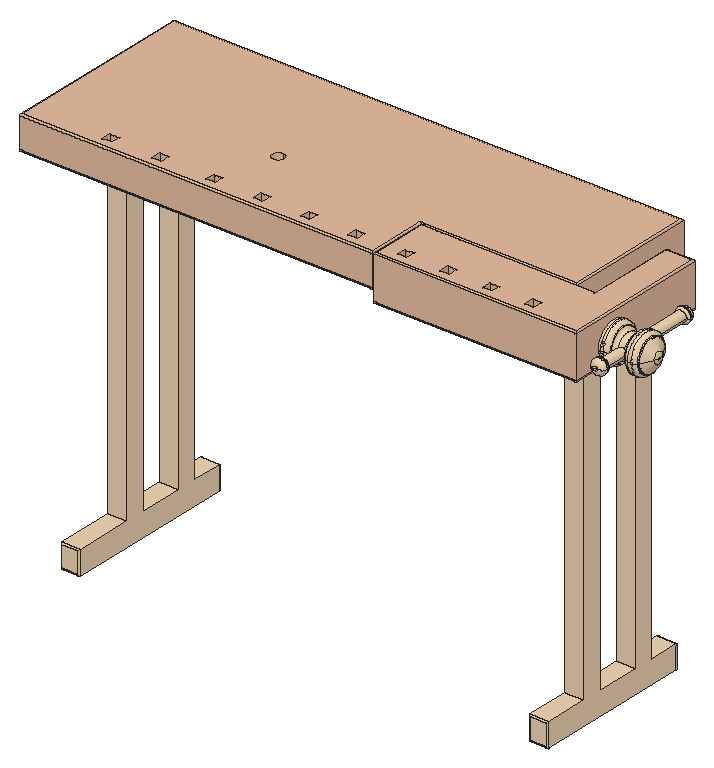
Revit family "Furniture_Other_Sjobergs_Workbench_850", category Furniture, Revit 2017
Family settings
  OmniClass Number = 23.40.70.14
  OmniClass Title = Retail and Commercial Equipment and Furnishings
  Work Plane-Based = No
  Always vertical = Yes
  Cut with Voids When Loaded = No
  Shared = No
  Room Calculation Point = No
Parameters (values of type "33075 Sjoberg Complete Working Height 850 mm")
  Weight = "21 kg + 13 kg"
  WarrantyStartDate [instance] = "n/a"
  WarrantyGuarantorParts = "n/a"
  WarrantyGuarantorLabor = "n/a"
  WarrantyDurationUnit = "Year"
  WarrantyDurationParts = "n/a"
  WarrantyDurationLabor = "n/a"
  WarrantyDescription = "n/a"
  VersionDate = "26/06/2020"  # constant formula
  Version = "1"  # constant formula
  Uniclass2015Reference = "Pr_40_50_21_76"
  Uniclass2015Description = "Desks, Tables And Worktops"
  Uniclass2 = "Pr_40_50_21"
  URL = "https://www.sjobergs.se/sortiment/skola_traslojd/index.php?id=1143&cat=36&lang=se&artnr=33075"
  Type Comments = ""
  TagNumber [instance] = "n/a"
  TableSecondaryMaterial = Ash
  TableMainMaterial = Beech
  SustainabilityPerformance = "n/a"
  Style = "n/a"
  Size = "1270x405x850 mm"
  Shape = "Sculptured"
  SerialNumber [instance] = "n/a"
  Revision = "n/a"
  ReplacementCost = "n/a"
  ProductInformation = "The top is constructed in solid, lacquered beech. The area of the top surface is 1070x405 mm and the thickness is 60 mm. Bench dogs are included. The vice sliding mechanism is smooth and if necessary can be easily adjusted. An optimal Sjobergs Front Vice 33160 can be fitted to each workbench which would increase the working possibilities."
  ProductDatasheet = "https://www.sjobergs.se/dbhires/Produktblad_1_station_2015.pdf"
  NominalLength = 1270.01 mm
  NominalHeight = 850 mm
  NominalDepth = 405 mm
  Name = "Sjobergs_Workbench_850"
  NBSReference = "45-35-20/320"
  NBSDescription = "School art, design and technology tables and workbenches;"
  ModelReference = "33075"
  ModelNumber = "n/a"
  Material = "Wood"
  ManufacturerURL = "https://www.sjobergs.se/en/"
  ManufacturerName = "Sjöbergs"
  Model = "33075 Sjoberg Complete Working Height 850 mm"
  Manufacturer = ManufacturerName  # "Sjöbergs"
  MainColor = "Wooden"
  InstallationDate [instance] = "n/a"
  IfcExportType = "TABLE"  # constant formula
  IfcExportAs = "IfcFurnishingElementType"  # constant formula
  Grade = "n/a"
  Finish = "Bench top and trestle in lacquered beech."
  Features = "Traditional designed and sturdily built."
  ExpectedLife = "n/a"
  EANNumber = ""
  DurationUnit = "Year"
  Description = "The top is constructed in solid, lacquered beech. The area of the top surface is 1070x405 mm and the thickness is 60 mm. Bench dogs are included. The vice sliding mechanism is smooth and if necessary can be easily adjusted. An optimal Sjobergs Front Vice 33160 can be fitted to each workbench which would increase the working possibilities."
  Cost = 0
  ConvergoRefNr = "0184-2005-0005-SE"
  Constituents = "33110 Bench top + 33160 Front vise + 33230 Wooden trestle + 33383 Jaw cushions front vise + 33384 Jaw cushions shoulder vise + 33636 Holdfast with insert"
  Color = MainColor  # "Wooden"
  Collection = "Planer Benches"
  CodePerformance = "n/a"
  Barcode [instance] = "n/a"
  AssetIdentifier [instance] = "n/a"
  Category = "School, Woodwork"
  Brand = ManufacturerName  # "Sjöbergs"
  BIMObjectName = "Furniture_Other_Sjobergs_Workbench_850"
  Author = "Convergo AB"  # constant formula
  AssetType = "Movable"
  AccessibilityPerformance = "n/a"
Reference planes
  plane 1 "Center (Front/Back)": y = 0
  plane 2: z = 0
  plane 3 "Center (Left/Right)": x = 0
  plane 4: x = -635.005
  plane 5: x = 635.005
  plane 6: y = 202.5
  plane 7: y = -202.5
  plane 8: z = 850
Dimensions and locks
  equal spacing: plane 4, plane 3 "Center (Left/Right)", plane 5
  "NominalLength": plane 4 to plane 5
  equal spacing: plane 6, plane 1 "Center (Front/Back)", plane 7
  "NominalDepth": plane 7 to plane 6
  "NominalHeight": plane 8 to plane 2
  aligned and locked: level to plane 2
  aligned and locked: plane 3 "Center (Left/Right)" to nested 1
  aligned and locked: plane 1 "Center (Front/Back)" to nested 1
Nested families
  nested 1: "33075" at (0, 0, 0), BenchTopMaterial <- "TableMainMaterial", SecondaryWoodMaterial <- "TableSecondaryMaterial", WoodFrame <- "TableSecondaryMaterial", type "33075"
    with WoodFrame Ash, SecondaryWoodMaterial Ash, BenchTopMaterial Beech
Definition of nested family "33075"
  Parameters (values of type "33075")
    WoodFrame [instance] = none
    SecondaryWoodMaterial [instance] = none
    BenchTopMaterial [instance] = none
  Reference planes
    plane 1 "Center (Front/Back)": y = 0
    plane 2: z = 0
    plane 3 "Center (Left/Right)": x = 0
    plane 4: x = -635.005
    plane 5: y = 202.5
    plane 6: y = -202.5
    plane 7: x = 635.005
    plane 8: z = 850
  Forms (mm)
    Extrusion 1, solid, material <- "WoodFrame", detail levels medium+fine
      sketch origin (0, -20, 0) x (1, 0, 0) y (0, 1, 0)
        loop
          line (424.995, 199.5) -> (384.995, 199.5) -> (384.995, -50.5) -> (424.995, -50.5) -> (424.995, 199.5)
        loop
          line (-575.005, 199.5) -> (-575.005, -50.5) -> (-535.005, -50.5) -> (-535.005, 199.5) -> (-575.005, 199.5)
      from 705 to 780
    Extrusion 2, solid, material <- "WoodFrame", detail levels medium+fine
      sketch origin (0, 0, 0) x (1, 0, 0) y (0, 1, 0)
        loop
          line (530.005, 52.5) -> (113.578, 52.5) -> (113.578, 2.5) -> (530.005, 2.5) -> (530.005, 52.5)
      from 745 to 755
    Extrusion 3, solid, material <- "WoodFrame", detail levels medium+fine
      sketch origin (0, -20, 0) x (1, 0, 0) y (0, 1, 0)
        loop
          line (-535.005, 149.5) -> (-575.005, 149.5) -> (-575.005, 109.5) -> (-535.005, 109.5) -> (-535.005, 149.5)
        loop
          line (-535.005, 14.5) -> (-575.005, 14.5) -> (-575.005, -25.5) -> (-535.005, -25.5) -> (-535.005, 14.5)
        loop
          line (424.995, 149.5) -> (384.995, 149.5) -> (384.995, 109.5) -> (424.995, 109.5) -> (424.995, 149.5)
        loop
          line (424.995, 14.5) -> (384.995, 14.5) -> (384.995, -25.5) -> (424.995, -25.5) -> (424.995, 14.5)
      from 50 to 705
    Extrusion 4, solid, material <- "WoodFrame", detail levels medium+fine
      sketch origin (0, 0, 0) x (1, 0, 0) y (0, 1, 0)
        loop
          line (424.995, 199.5) -> (384.995, 199.5) -> (384.995, -140.5) -> (424.995, -140.5) -> (424.995, 199.5)
        loop
          line (-575.005, 199.5) -> (-575.005, -170.5) -> (-535.005, -170.5) -> (-535.005, 199.5) -> (-575.005, 199.5)
      from 0 to 50
    Sweep 5, void
      path in 3D
        loop
          line (-575.005, -170.5, 0) -> (-535.005, -170.5, 0) -> (-535.005, -170.5, 50) -> (-575.005, -170.5, 50) -> (-575.005, -170.5, 0)
      profile origin (-575.005, -170.5, 25) x (-1, 0, 0) y (0, -1, 0)
        loop
          line (0, 0) -> (-3, 0)
          arc (-3, 0) -> (-0.879, -0.879) -> (0, -3) r 3
          line (0, -3) -> (0, 0)
    Sweep 6, void
      path in 3D
        loop
          line (-575.005, 199.5, 0) -> (-535.005, 199.5, 0) -> (-535.005, 199.5, 50) -> (-575.005, 199.5, 50) -> (-575.005, 199.5, 0)
      profile origin (-575.005, 199.5, 25) x (-1, 0, 0) y (0, -1, 0)
        loop
          line (0, 0) -> (0, 3)
          arc (0, 3) -> (-0.879, 0.879) -> (-3, 0) r 3
          line (-3, 0) -> (0, 0)
    Sweep 7, void
      path in 3D
        loop
          line (384.995, 199.5, 0) -> (424.995, 199.5, 0) -> (424.995, 199.5, 50) -> (384.995, 199.5, 50) -> (384.995, 199.5, 0)
      profile origin (384.995, 199.5, 25) x (-1, 0, 0) y (0, -1, 0)
        loop
          line (0, 0) -> (0, 3)
          arc (0, 3) -> (-0.879, 0.879) -> (-3, 0) r 3
          line (-3, 0) -> (0, 0)
    Sweep 8, void
      path in 3D
        loop
          line (384.995, -140.5, 0) -> (424.995, -140.5, 0) -> (424.995, -140.5, 50) -> (384.995, -140.5, 50) -> (384.995, -140.5, 0)
      profile origin (384.995, -140.5, 25) x (-1, 0, 0) y (0, -1, 0)
        loop
          line (0, 0) -> (-3, 0)
          arc (-3, 0) -> (-0.879, -0.879) -> (0, -3) r 3
          line (0, -3) -> (0, 0)
    Sweep 9, void
      path in 3D
        loop
          line (384.995, -70.5, 780) -> (384.995, -70.5, 705) -> (424.995, -70.5, 705) -> (424.995, -70.5, 780)
      profile origin (384.995, -70.5, 742.5) x (-1, 0, 0) y (0, -1, 0)
        loop
          line (0, 0) -> (-3, 0)
          arc (-3, 0) -> (-0.879, -0.879) -> (0, -3) r 3
          line (0, -3) -> (0, 0)
    Sweep 10, void
      path in 3D
        loop
          line (-575.005, -70.5, 705) -> (-535.005, -70.5, 705) -> (-535.005, -70.5, 780) -> (-575.005, -70.5, 780) -> (-575.005, -70.5, 705)
      profile origin (-575.005, -70.5, 742.5) x (-1, 0, 0) y (0, -1, 0)
        loop
          line (0, 0) -> (-3, 0)
          arc (-3, 0) -> (-0.879, -0.879) -> (0, -3) r 3
          line (0, -3) -> (0, 0)
    Sweep 11, void
      path in 3D
        loop
          line (-575.005, 179.5, 705) -> (-535.005, 179.5, 705) -> (-535.005, 179.5, 780) -> (-575.005, 179.5, 780) -> (-575.005, 179.5, 705)
      profile origin (-575.005, 179.5, 742.5) x (-1, 0, 0) y (0, -1, 0)
        loop
          line (0, 0) -> (0, 3)
          arc (0, 3) -> (-0.879, 0.879) -> (-3, 0) r 3
          line (-3, 0) -> (0, 0)
    Sweep 12, void
      path in 3D
        loop
          line (384.995, 179.5, 780) -> (384.995, 179.5, 705) -> (424.995, 179.5, 705) -> (424.995, 179.5, 780)
      profile origin (384.995, 179.5, 742.5) x (-1, 0, 0) y (0, -1, 0)
        loop
          line (0, 0) -> (0, 3)
          arc (0, 3) -> (-0.879, 0.879) -> (-3, 0) r 3
          line (-3, 0) -> (0, 0)
    Extrusion 13, solid, material <- "BenchTopMaterial", detail levels coarse
      sketch origin (0, 0, 0) x (1, 0, 0) y (0, 1, 0)
        loop
          line (-635.005, -202.5) -> (635.005, -202.5) -> (635.005, 202.5) -> (-635.005, 202.5) -> (-635.005, -202.5)
      from 0 to 850
  Cuts and joins
    Sweep 9, Sweep 10, Sweep 11, Sweep 12 cuts Extrusion 1
    Sweep 5, Sweep 6, Sweep 7, Sweep 8, Sweep 9, Sweep 11 cuts Extrusion 4
    joined: Extrusion 1, Extrusion 3, Extrusion 4
  Lines and regions (mm)
    sketch lines
      curve 1: line (-575.005, -170.5, 50) -> (-575.005, -170.5, 0)
      curve 2: line (-575.005, -170.5, 50) -> (-535.005, -170.5, 50)
      curve 3: line (-535.005, -170.5, 0) -> (-575.005, -170.5, 0)
      curve 4: line (-535.005, -170.5, 50) -> (-535.005, -170.5, 0)
      curve 5: line (-575.005, 199.5, 50) -> (-575.005, 199.5, 0)
      curve 6: line (-535.005, 199.5, 50) -> (-575.005, 199.5, 50)
      curve 7: line (-535.005, 199.5, 50) -> (-535.005, 199.5, 0)
      curve 8: line (-575.005, 199.5, 0) -> (-535.005, 199.5, 0)
      curve 9: line (384.995, 199.5, 50) -> (384.995, 199.5, 0)
      curve 10: line (424.995, 199.5, 50) -> (384.995, 199.5, 50)
      curve 11: line (424.995, 199.5, 50) -> (424.995, 199.5, 0)
      curve 12: line (384.995, 199.5, 0) -> (424.995, 199.5, 0)
      curve 13: line (384.995, -140.5, 50) -> (384.995, -140.5, 0)
      curve 14: line (384.995, -140.5, 50) -> (424.995, -140.5, 50)
      curve 15: line (424.995, -140.5, 50) -> (424.995, -140.5, 0)
      curve 16: line (424.995, -140.5, 0) -> (384.995, -140.5, 0)
      curve 17: line (384.995, -70.5, 780) -> (384.995, -70.5, 705)
      curve 18: line (424.995, -70.5, 780) -> (424.995, -70.5, 705)
      curve 19: line (424.995, -70.5, 705) -> (384.995, -70.5, 705)
      curve 20: line (-575.005, -70.5, 780) -> (-575.005, -70.5, 705)
      curve 21: line (-535.005, -70.5, 705) -> (-575.005, -70.5, 705)
      curve 22: line (-535.005, -70.5, 780) -> (-535.005, -70.5, 705)
      curve 23: line (-575.005, -70.5, 780) -> (-535.005, -70.5, 780)
      curve 24: line (-575.005, 179.5, 780) -> (-575.005, 179.5, 705)
      curve 25: line (-535.005, 179.5, 780) -> (-575.005, 179.5, 780)
      curve 26: line (-535.005, 179.5, 780) -> (-535.005, 179.5, 705)
      curve 27: line (-575.005, 179.5, 705) -> (-535.005, 179.5, 705)
      curve 28: line (384.995, 179.5, 780) -> (384.995, 179.5, 705)
      curve 29: line (384.995, 179.5, 705) -> (424.995, 179.5, 705)
      curve 30: line (424.995, 179.5, 780) -> (424.995, 179.5, 705)
    symbolic lines, detail levels medium+fine
      curve 31: line (434.995, 202.5, 800) -> (-635.005, 202.5, 800)
      curve 32: line (434.995, -77.5, 800) -> (434.995, 202.5, 800)
      curve 33: line (474.995, -77.5, 800) -> (434.995, -77.5, 800)
      curve 34: line (474.995, 107.5, 800) -> (474.995, -77.5, 800)
      curve 35: line (535.005, 107.5, 800) -> (474.995, 107.5, 800)
      curve 36: line (535.005, -202.5, 800) -> (535.005, -141.65, 800)
      curve 37: line (550.065, -70.213, 800) -> (544.995, -70.213, 800)
      curve 38: arc (544.995, -70.213, 800) -> (538.08, -72.99, 800) -> (535.005, -79.777, 800) r 10
      curve 39: arc (635.005, -109.246, 800) -> (634.323, -104.07, 800) -> (632.325, -99.246, 800) r 20
      curve 40: line (632.325, -99.246, 800) -> (619.893, -77.713, 800)
      curve 41: arc (619.893, -77.713, 800) -> (619.462, -77.313, 800) -> (618.88, -77.224, 800) r 1
      curve 42: arc (618.88, -77.224, 800) -> (617.925, -77.048, 800) -> (617.278, -76.324, 800) r 1.5
      curve 43: arc (617.278, -76.324, 800) -> (613.593, -71.88, 800) -> (608.065, -70.213, 800) r 10
      curve 44: line (608.065, -70.213, 800) -> (601.144, -70.213, 800)
      curve 45: arc (601.144, -70.213, 800) -> (595.503, -71.956, 800) -> (591.829, -76.577, 800) r 10
      curve 46: arc (591.829, -76.577, 800) -> (591.461, -77.039, 800) -> (590.897, -77.213, 800) r 1
      curve 47: line (590.897, -77.213, 800) -> (589.605, -77.213, 800)
      curve 48: arc (589.605, -77.213, 800) -> (588.665, -80.816, 800) -> (586.084, -83.5, 800) r 7.372
      curve 51: line (561.605, -77.213, 800) -> (560.312, -77.213, 800)
      curve 52: arc (560.312, -77.213, 800) -> (559.748, -77.039, 800) -> (559.381, -76.577, 800) r 1
      curve 53: arc (559.381, -76.577, 800) -> (555.706, -71.956, 800) -> (550.065, -70.213, 800) r 10
      curve 54: line (564.122, 22, 800) -> (564.122, -82.761, 800)
      curve 55: arc (564.122, -185, 800) -> (560.927, -186.324, 800) -> (559.603, -189.519, 800) r 4.519
      curve 56: line (559.603, -189.519, 800) -> (559.603, -192.5, 800)
      curve 57: arc (559.603, -192.5, 800) -> (562.532, -199.571, 800) -> (569.603, -202.5, 800) r 10
      curve 58: line (569.603, -202.5, 800) -> (580.603, -202.5, 800)
      curve 59: line (580.603, 39.5, 800) -> (569.603, 39.5, 800)
      curve 60: arc (569.603, 39.5, 800) -> (562.532, 36.571, 800) -> (559.603, 29.5, 800) r 10
      curve 61: line (559.603, 29.5, 800) -> (559.603, 26.519, 800)
      curve 62: arc (559.603, 26.519, 800) -> (560.927, 23.324, 800) -> (564.122, 22, 800) r 4.519
      curve 63: arc (590.603, 29.5, 800) -> (587.674, 36.571, 800) -> (580.603, 39.5, 800) r 10
      curve 64: arc (580.603, -202.5, 800) -> (587.674, -199.571, 800) -> (590.603, -192.5, 800) r 10
      curve 65: line (590.603, -192.5, 800) -> (590.603, -189.519, 800)
      curve 66: arc (590.603, -189.519, 800) -> (589.279, -186.324, 800) -> (586.084, -185, 800) r 4.519
      curve 67: line (586.084, -185, 800) -> (586.084, -137.927, 800)
      curve 68: arc (586.084, 22, 800) -> (589.279, 23.324, 800) -> (590.603, 26.519, 800) r 4.519
      curve 69: line (590.603, 26.519, 800) -> (590.603, 29.5, 800)
      curve 70: line (586.084, -83.5, 800) -> (586.084, 22, 800)
      curve 71: line (564.122, -138.665, 800) -> (564.122, -185, 800)
      curve 72: line (550.065, -151.213, 800) -> (544.995, -151.213, 800)
      curve 73: arc (544.995, -151.213, 800) -> (538.08, -148.437, 800) -> (535.005, -141.65, 800) r 10
      curve 74: line (635.005, -109.246, 800) -> (635.005, -112.181, 800)
      curve 75: arc (635.005, -112.181, 800) -> (634.323, -117.357, 800) -> (632.325, -122.181, 800) r 20
      curve 76: line (632.325, -122.181, 800) -> (619.893, -143.713, 800)
      curve 77: arc (619.893, -143.713, 800) -> (619.462, -144.114, 800) -> (618.88, -144.203, 800) r 1
      curve 78: arc (618.88, -144.203, 800) -> (617.925, -144.379, 800) -> (617.278, -145.103, 800) r 1.5
      curve 79: arc (617.278, -145.103, 800) -> (613.593, -149.547, 800) -> (608.065, -151.213, 800) r 10
      curve 80: line (608.065, -151.213, 800) -> (601.144, -151.213, 800)
      curve 81: arc (601.144, -151.213, 800) -> (595.503, -149.471, 800) -> (591.829, -144.85, 800) r 10
      curve 82: arc (591.829, -144.85, 800) -> (591.461, -144.388, 800) -> (590.897, -144.213, 800) r 1
      curve 83: line (590.897, -144.213, 800) -> (589.605, -144.213, 800)
      curve 84: arc (589.605, -144.213, 800) -> (588.665, -140.611, 800) -> (586.084, -137.927, 800) r 7.372
      curve 87: line (561.605, -144.213, 800) -> (560.312, -144.213, 800)
      curve 88: arc (560.312, -144.213, 800) -> (559.748, -144.388, 800) -> (559.381, -144.85, 800) r 1
      curve 89: arc (559.381, -144.85, 800) -> (555.706, -149.471, 800) -> (550.065, -151.213, 800) r 10
      curve 90: line (108.578, -202.5, 800) -> (535.005, -202.5, 800)
      curve 91: line (108.578, -77.5, 800) -> (108.578, -202.5, 800)
      curve 92: line (106.578, -202.5, 800) -> (106.578, -77.5, 800)
      curve 93: line (-635.005, -202.5, 800) -> (106.578, -202.5, 800)
      curve 94: line (-635.005, 202.5, 800) -> (-635.005, -202.5, 800)
      curve 133: arc (564.122, -82.761, 800) -> (562.264, -80.26, 800) -> (561.605, -77.213, 800) r 7.372
      curve 134: arc (564.122, -138.665, 800) -> (562.264, -141.167, 800) -> (561.605, -144.213, 800) r 7.372
      curve 136: line (535.005, -79.777, 800) -> (535.005, 107.5, 800)
      curve 139: line (108.578, -77.5, 800) -> (106.578, -77.5, 800)
      curve 144: line (-635.005, 0, 850) -> (-635.005, 0, 780)
      curve 145: line (-635.005, 0, 850) -> (535.005, 0, 850)
      curve 146: line (-635.005, 0, 780) -> (-575.005, 0, 780)
      curve 147: line (108.578, 0, 755) -> (108.578, 0, 780)
      curve 148: line (108.578, 0, 755) -> (113.578, 0, 755)
      curve 149: line (113.578, 0, 755) -> (113.578, 0, 745)
      curve 150: line (113.578, 0, 745) -> (384.995, 0, 745)
      curve 151: line (384.995, 0, 745) -> (384.995, 0, 0)
      curve 152: line (424.995, 0, 0) -> (424.995, 0, 745)
      curve 153: line (384.995, 0, 0) -> (424.995, 0, 0)
      curve 155: line (530.005, 0, 745) -> (424.995, 0, 745)
      curve 156: line (530.005, 0, 745) -> (530.005, 0, 755)
      curve 157: line (535.005, 0, 755) -> (530.005, 0, 755)
      curve 158: arc (632.325, 0, 784.033) -> (634.323, 0, 788.856) -> (635.005, 0, 794.033) r 20
      curve 159: arc (618.88, 0, 762.011) -> (619.462, 0, 762.099) -> (619.893, 0, 762.5) r 1
      curve 160: arc (618.88, 0, 762.011) -> (617.925, 0, 761.835) -> (617.278, 0, 761.111) r 1.5
      curve 161: arc (608.065, 0, 755) -> (613.593, 0, 756.667) -> (617.278, 0, 761.111) r 10
      curve 162: arc (591.829, 0, 761.364) -> (595.503, 0, 756.743) -> (601.144, 0, 755) r 10
      curve 163: arc (591.829, 0, 761.364) -> (591.461, 0, 761.826) -> (590.897, 0, 762) r 1
      curve 164: arc (589.605, 0, 762) -> (587.445, 0, 767.213) -> (582.232, 0, 769.372) r 7.372
      curve 165: arc (568.977, 0, 769.372) -> (563.764, 0, 767.213) -> (561.605, 0, 762) r 7.372
      curve 166: arc (560.312, 0, 762) -> (559.748, 0, 761.826) -> (559.381, 0, 761.364) r 1
      curve 167: arc (550.065, 0, 755) -> (555.706, 0, 756.743) -> (559.381, 0, 761.364) r 10
      curve 168: arc (535.005, 0, 764.564) -> (538.08, 0, 757.776) -> (544.995, 0, 755) r 10
      curve 169: arc (635.005, 0, 796.967) -> (634.323, 0, 802.144) -> (632.325, 0, 806.967) r 20
      curve 170: arc (619.893, 0, 828.5) -> (619.462, 0, 828.901) -> (618.88, 0, 828.989) r 1
      curve 171: arc (617.278, 0, 829.889) -> (617.925, 0, 829.165) -> (618.88, 0, 828.989) r 1.5
      curve 172: arc (617.278, 0, 829.889) -> (613.593, 0, 834.333) -> (608.065, 0, 836) r 10
      curve 173: arc (601.144, 0, 836) -> (595.503, 0, 834.257) -> (591.829, 0, 829.636) r 10
      curve 174: arc (590.897, 0, 829) -> (591.461, 0, 829.174) -> (591.829, 0, 829.636) r 1
      curve 175: arc (582.232, 0, 821.628) -> (587.445, 0, 823.787) -> (589.605, 0, 829) r 7.372
      curve 176: arc (561.605, 0, 829) -> (563.764, 0, 823.787) -> (568.977, 0, 821.628) r 7.372
      curve 177: arc (559.381, 0, 829.636) -> (559.748, 0, 829.174) -> (560.312, 0, 829) r 1
      curve 178: arc (559.381, 0, 829.636) -> (555.706, 0, 834.257) -> (550.065, 0, 836) r 10
      curve 179: arc (544.995, 0, 836) -> (538.08, 0, 833.224) -> (535.005, 0, 826.436) r 10
      curve 181: line (619.893, 0, 762.5) -> (632.325, 0, 784.033)
      curve 182: line (601.144, 0, 755) -> (608.065, 0, 755)
      curve 183: line (568.977, 0, 769.372) -> (582.232, 0, 769.372)
      curve 184: line (560.312, 0, 762) -> (561.605, 0, 762)
      curve 186: line (544.995, 0, 755) -> (550.065, 0, 755)
      curve 187: line (619.893, 0, 828.5) -> (632.325, 0, 806.967)
      curve 188: line (601.144, 0, 836) -> (608.065, 0, 836)
      curve 190: line (589.605, 0, 829) -> (590.897, 0, 829)
      curve 192: line (590.897, 0, 762) -> (589.605, 0, 762)
      curve 194: line (568.977, 0, 821.628) -> (582.232, 0, 821.628)
      curve 195: line (560.312, 0, 829) -> (561.605, 0, 829)
      curve 197: line (544.995, 0, 836) -> (550.065, 0, 836)
      curve 198: line (535.005, 0, 850) -> (535.005, 0, 826.436)
      curve 200: line (535.005, 0, 764.564) -> (535.005, 0, 755)
      curve 201: line (635.005, 0, 796.967) -> (635.005, 0, 794.033)
      curve 207: line (-575.005, 0, 0) -> (-535.005, 0, 0)
      curve 209: line (-575.005, 0, 0) -> (-575.005, 0, 780)
      curve 210: line (-535.005, 0, 0) -> (-535.005, 0, 780)
      curve 213: line (-535.005, 0, 780) -> (108.578, 0, 780)
      curve 214: line (0, 202.5, 850) -> (0, -202.5, 850)
      curve 215: line (0, -202.5, 850) -> (0, -202.5, 755)
      curve 216: line (0, -202.5, 755) -> (0, -70.5, 755)
      curve 217: line (0, -70.5, 704.959) -> (0, -70.5, 755)
      curve 219: line (0, -70.5, 704.959) -> (0, -45.5, 704.959)
      curve 220: line (0, 179.5, 704.959) -> (0, 179.5, 755)
      curve 221: line (0, 202.5, 755) -> (0, 179.5, 755)
      curve 223: line (0, 202.5, 850) -> (0, 202.5, 755)
      curve 225: line (0, 129.5, 704.959) -> (0, 129.5, 50.041)
      curve 226: line (0, 129.5, 50.041) -> (0, 199.5, 50.041)
      curve 227: line (0, 199.5, 50.041) -> (0, 199.5, 0)
      curve 228: line (0, 199.5, 0) -> (0, -170.5, 0)
      curve 229: line (0, -170.5, 0) -> (0, -170.5, 50.041)
      curve 230: line (0, -170.5, 50.041) -> (0, -45.5, 50.041)
      curve 232: line (0, -45.5, 704.959) -> (0, -45.5, 50.041)
      curve 235: line (0, 129.5, 704.959) -> (0, 179.5, 704.959)
    symbolic lines, detail levels fine
      curve 49: line (582.232, -84.586, 800) -> (568.977, -84.586, 800)
      curve 50: arc (568.977, -84.586, 800) -> (566.384, -84.115, 800) -> (564.122, -82.761, 800) r 7.372
      curve 85: line (582.232, -136.841, 800) -> (568.977, -136.841, 800)
      curve 86: arc (568.977, -136.841, 800) -> (566.384, -137.312, 800) -> (564.122, -138.665, 800) r 7.372
      curve 95: circle (-214.422, -49.5, 800) r 12.5 normal (0, 0, -1)
      curve 96: line (-458.422, -161.723, 800) -> (-458.422, -181.713, 800)
      curve 97: line (-458.422, -181.713, 800) -> (-478.422, -181.713, 800)
      curve 98: line (-478.422, -181.713, 800) -> (-478.422, -161.723, 800)
      curve 99: line (-478.422, -161.723, 800) -> (-458.422, -161.723, 800)
      curve 100: line (-374.422, -181.713, 800) -> (-374.422, -161.723, 800)
      curve 101: line (-374.422, -161.723, 800) -> (-354.422, -161.723, 800)
      curve 102: line (-354.422, -161.723, 800) -> (-354.422, -181.713, 800)
      curve 103: line (-354.422, -181.713, 800) -> (-374.422, -181.713, 800)
      curve 104: line (-260.422, -181.713, 800) -> (-260.422, -161.723, 800)
      curve 105: line (-260.422, -161.723, 800) -> (-240.422, -161.723, 800)
      curve 106: line (-240.422, -161.723, 800) -> (-240.422, -181.713, 800)
      curve 107: line (-240.422, -181.713, 800) -> (-260.422, -181.713, 800)
      curve 108: line (-160.422, -181.713, 800) -> (-160.422, -161.723, 800)
      curve 109: line (-160.422, -161.723, 800) -> (-140.422, -161.723, 800)
      curve 110: line (-140.422, -161.723, 800) -> (-140.422, -181.713, 800)
      curve 111: line (-140.422, -181.713, 800) -> (-160.422, -181.713, 800)
      curve 112: line (-61.422, -181.713, 800) -> (-61.422, -161.723, 800)
      curve 113: line (-61.422, -161.723, 800) -> (-41.422, -161.723, 800)
      curve 114: line (-41.422, -161.723, 800) -> (-41.422, -181.713, 800)
      curve 115: line (-41.422, -181.713, 800) -> (-61.422, -181.713, 800)
      curve 116: line (37.578, -181.713, 800) -> (37.578, -161.723, 800)
      curve 117: line (37.578, -161.723, 800) -> (57.578, -161.723, 800)
      curve 118: line (57.578, -161.723, 800) -> (57.578, -181.713, 800)
      curve 119: line (57.578, -181.713, 800) -> (37.578, -181.713, 800)
      curve 120: line (231.105, -181.713, 800) -> (231.105, -161.723, 800)
      curve 121: line (231.105, -161.723, 800) -> (251.105, -161.723, 800)
      curve 122: line (251.105, -161.723, 800) -> (251.105, -181.713, 800)
      curve 123: line (251.105, -181.713, 800) -> (231.105, -181.713, 800)
      curve 124: line (320.105, -181.713, 800) -> (320.105, -161.723, 800)
      curve 125: line (320.105, -161.723, 800) -> (340.105, -161.723, 800)
      curve 126: line (340.105, -161.723, 800) -> (340.105, -181.713, 800)
      curve 127: line (340.105, -181.713, 800) -> (320.105, -181.713, 800)
      curve 128: line (409.105, -181.713, 800) -> (409.105, -161.723, 800)
      curve 129: line (409.105, -161.723, 800) -> (429.105, -161.723, 800)
      curve 130: line (429.105, -161.723, 800) -> (429.105, -181.713, 800)
      curve 131: line (429.105, -181.713, 800) -> (409.105, -181.713, 800)
      curve 132: arc (586.084, -83.5, 800) -> (584.233, -84.309, 800) -> (582.232, -84.586, 800) r 7.372
      curve 135: arc (586.084, -137.927, 800) -> (584.233, -137.118, 800) -> (582.232, -136.841, 800) r 7.372
      curve 137: line (535.005, -141.65, 800) -> (535.005, -79.777, 800)
      curve 138: line (434.995, -77.5, 800) -> (108.578, -77.5, 800)
      curve 140: line (142.105, -181.713, 800) -> (142.105, -161.723, 800)
      curve 141: line (142.105, -161.723, 800) -> (162.105, -161.723, 800)
      curve 142: line (162.105, -161.723, 800) -> (162.105, -181.713, 800)
      curve 143: line (162.105, -181.713, 800) -> (142.105, -181.713, 800)
      curve 154: line (424.995, 0, 50) -> (384.995, 0, 50)
      curve 180: circle (575.103, 0, 795.5) r 15.5 normal (0, -1, 0)
      curve 185: line (561.605, 0, 762) -> (561.605, 0, 787.881)
      curve 189: line (589.605, 0, 800.972) -> (589.605, 0, 829)
      curve 191: line (590.897, 0, 829) -> (590.897, 0, 762)
      curve 193: line (589.605, 0, 762) -> (589.605, 0, 790.028)
      curve 196: line (561.605, 0, 829) -> (561.605, 0, 803.119)
      curve 199: line (535.005, 0, 826.436) -> (535.005, 0, 764.564)
      curve 202: line (559.381, 0, 829.636) -> (559.381, 0, 761.364)
      curve 203: line (113.578, 0, 755) -> (530.005, 0, 755)
      curve 204: line (384.995, 0, 704.914) -> (424.995, 0, 704.914)
      curve 205: line (384.995, 0, 745) -> (384.995, 0, 755)
      curve 206: line (424.995, 0, 745) -> (424.995, 0, 755)
      curve 208: line (-535.005, 0, 50) -> (-575.005, 0, 50)
      curve 211: line (-575.005, 0, 704.92) -> (-535.005, 0, 704.92)
      curve 212: line (-575.005, 0, 780) -> (-535.005, 0, 780)
      curve 218: line (0, -70.5, 755) -> (0, -70.5, 779.96)
      curve 222: line (0, 202.5, 779.96) -> (0, -202.5, 779.96)
      curve 224: line (0, 179.5, 755) -> (0, 179.5, 779.96)
      curve 231: line (0, -5.5, 50.041) -> (0, 89.5, 50.041)
      curve 233: line (0, 89.5, 704.959) -> (0, 89.5, 50.041)
      curve 234: line (0, -5.5, 50.041) -> (0, -5.5, 704.959)
      curve 236: line (0, -45.5, 704.959) -> (0, 129.5, 704.959)
      curve 237: line (0, -45.5, 50.041) -> (0, -5.5, 50.041)
      curve 238: line (0, 89.5, 50.041) -> (0, 129.5, 50.041)
      curve 239: line (108.578, 0, 780) -> (108.578, 0, 850)
  Dimensions and locks
    aligned and locked: level to plane 2
    aligned and locked: plane 5 to Extrusion 13 sketch curve
  Nested families
    nested 1: "BenchTop_33110" at (-100.005, 2.5, 755) x (0, -1, 0) z (0, 0, 1), BenchTopMaterial <- "BenchTopMaterial", SecondaryWoodMaterial <- "SecondaryWoodMaterial", type "BenchTop_33110", detail levels medium+fine
      with SecondaryWoodMaterial none, BenchTopMaterial none
  Definition of nested family "BenchTop_33110"
    Parameters (values of type "BenchTop_33110")
      SecondaryWoodMaterial [instance] = none
      BenchTopMaterial [instance] = none
    Reference planes
      plane 1 "Center (Front/Back)": y = 100.005
      plane 2: z = 0
      plane 3 "Center (Left/Right)": x = 2.5
      plane 4: x = -200
      plane 5: x = 205
      plane 6: y = 635.01
      plane 7: y = -535
      plane 8: z = 95
      plane 9: y = 735.01
      plane 10: y = 535
    Forms (mm)
      Extrusion 1, solid, material <- "BenchTopMaterial"
        sketch origin (0, 0, 0) x (1, 0, 0) y (0, 1, 0)
          loop
            line (-105, 635.01) -> (-105, 575) -> (80, 575) -> (80, 208.583) -> (205, 208.583) -> (205, 635.01) -> (-105, 635.01)
          loop
            line (164.223, 529.11) -> (164.223, 509.11) -> (184.213, 509.11) -> (184.213, 529.11) -> (164.223, 529.11)
          loop
            line (164.223, 440.11) -> (164.223, 420.11) -> (184.213, 420.11) -> (184.213, 440.11) -> (164.223, 440.11)
          loop
            line (164.223, 351.11) -> (164.223, 331.11) -> (184.213, 331.11) -> (184.213, 351.11) -> (164.223, 351.11)
          loop
            line (164.223, 262.11) -> (164.223, 242.11) -> (184.213, 242.11) -> (184.213, 262.11) -> (164.223, 262.11)
        from 0 to 95
      Revolve 2, solid, material <- "SecondaryWoodMaterial"
        sketch origin (0, 0, 40.5) x (1, 0, 0) y (0, 1, 0)
          loop
            line (101.746, 732.33) -> (80.213, 719.898)
            arc (80.213, 719.898) -> (79.813, 719.467) -> (79.724, 718.885) r 1
            arc (79.724, 718.885) -> (79.548, 717.93) -> (78.824, 717.283) r 1.5
            arc (78.824, 717.283) -> (74.38, 713.598) -> (72.713, 708.07) r 10
            line (72.713, 708.07) -> (72.713, 701.149)
            arc (72.713, 701.149) -> (74.456, 695.508) -> (79.077, 691.833) r 10
            arc (79.077, 691.833) -> (79.539, 691.466) -> (79.713, 690.902) r 1
            line (79.713, 690.902) -> (79.713, 689.61)
            arc (79.713, 689.61) -> (84.927, 687.45) -> (87.086, 682.237) r 7.372
            line (87.086, 682.237) -> (87.086, 668.982)
            arc (87.086, 668.982) -> (84.927, 663.769) -> (79.713, 661.61) r 7.372
            line (79.713, 661.61) -> (79.713, 660.317)
            arc (79.713, 660.317) -> (79.539, 659.753) -> (79.077, 659.386) r 1
            arc (79.077, 659.386) -> (74.456, 655.711) -> (72.713, 650.07) r 10
            line (72.713, 650.07) -> (72.713, 645)
            arc (72.713, 645) -> (75.642, 637.929) -> (82.713, 635) r 10
            line (82.713, 635) -> (113.213, 635) -> (113.213, 735.01) -> (111.746, 735.01)
            arc (111.746, 735.01) -> (106.57, 734.328) -> (101.746, 732.33) r 20
          axis (113.213, 735.01) -> (113.213, 635)
        angle from 0 to 360
      Revolve 3, solid, material <- "SecondaryWoodMaterial"
        sketch origin (-9.199, 0, 40.5) x (1, 0, 0) y (0, 1, 0)
          loop
            line (-27.801, 675.108) -> (214.199, 675.108) -> (214.199, 680.608)
            arc (214.199, 680.608) -> (211.27, 687.679) -> (204.199, 690.608) r 10
            line (204.199, 690.608) -> (201.218, 690.608)
            arc (201.218, 690.608) -> (198.023, 689.284) -> (196.699, 686.089) r 4.519
            line (196.699, 686.089) -> (-10.301, 686.089)
            arc (-10.301, 686.089) -> (-11.625, 689.284) -> (-14.82, 690.608) r 4.519
            line (-14.82, 690.608) -> (-17.801, 690.608)
            arc (-17.801, 690.608) -> (-24.872, 687.679) -> (-27.801, 680.608) r 10
            line (-27.801, 680.608) -> (-27.801, 675.108)
          axis (214.199, 675.108) -> (-27.801, 675.108)
        angle from 0 to 360
      Extrusion 4, solid, material <- "BenchTopMaterial"
        sketch origin (0, 0, 0) x (1, 0, 0) y (0, 1, 0)
          loop
            line (-200, 535) -> (-200, -535) -> (205, -535) -> (205, 206.583) -> (80, 206.583) -> (80, 535) -> (-200, 535)
          loop
            line (164.223, 157.583) -> (164.223, 137.583) -> (184.213, 137.583) -> (184.213, 157.583) -> (164.223, 157.583)
          loop
            line (164.223, 58.583) -> (164.223, 38.583) -> (184.213, 38.583) -> (184.213, 58.583) -> (164.223, 58.583)
          loop
            line (164.223, -40.417) -> (164.223, -60.417) -> (184.213, -60.417) -> (184.213, -40.417) -> (164.223, -40.417)
          loop
            line (164.223, -140.417) -> (164.223, -160.417) -> (184.213, -160.417) -> (184.213, -140.417) -> (164.223, -140.417)
          loop
            line (164.223, -254.417) -> (164.223, -274.417) -> (184.213, -274.417) -> (184.213, -254.417) -> (164.223, -254.417)
          loop
            line (164.223, -358.417) -> (164.223, -378.417) -> (184.213, -378.417) -> (184.213, -358.417) -> (164.223, -358.417)
          loop
            circle (52, -114.417) r 12.5
        from 25 to 95
      Sweep 5, void
        path in 3D
          loop
            line (205, 208.583, 95) -> (205, 635.01, 95) -> (-105, 635.01, 95) -> (-105, 575, 95) -> (80, 575, 95) -> (80, 208.583, 95) -> (205, 208.583, 95)
        profile origin (-105, 635.01, 95) x (0, -1, 0) y (0, 0, 1)
          loop
            line (0, 0) -> (0, -3)
            arc (0, -3) -> (0.879, -0.879) -> (3, 0) r 3
            line (3, 0) -> (0, 0)
      Sweep 6, void
        path in 3D
          loop
            line (-200, 535, 95) -> (-200, -535, 95) -> (205, -535, 95) -> (205, 206.583, 95) -> (80, 206.583, 95) -> (80, 535, 95) -> (-200, 535, 95)
        profile origin (-60, 535, 95) x (0, -1, 0) y (0, 0, 1)
          loop
            line (0, 0) -> (0, -3)
            arc (0, -3) -> (0.879, -0.879) -> (3, 0) r 3
            line (3, 0) -> (0, 0)
      Extrusion 7, solid, material <- "BenchTopMaterial"
        sketch origin (0, 0, 0) x (1, 0, 0) y (0, 1, 0)
          loop
            line (80, 475) -> (80, 535) -> (-200, 535) -> (-200, 475) -> (80, 475)
        from 0 to 25
      Extrusion 8, solid, material <- "BenchTopMaterial"
        sketch origin (0, 0, 0) x (1, 0, 0) y (0, 1, 0)
          loop
            line (205, 208.583) -> (205, 268.583) -> (-190, 268.583) -> (-190, 208.583) -> (205, 208.583)
        from 0 to 25
      Sweep 9, void
        path in 3D
          loop
            line (-200, -535, 25) -> (-200, 475, 25) -> (-200, 475, 0) -> (-200, 535, 0) -> (80, 535, 0) -> (80, 475, 0) -> (80, 475, 25) -> (80, 206.583, 25) -> (205, 206.583, 25) -> (205, -535, 25) -> (-200, -535, 25)
        profile origin (2.5, -535, 25) x (0, 1, 0) y (0, 0, -1)
          loop
            line (0, 0) -> (0, -3)
            arc (0, -3) -> (0.879, -0.879) -> (3, 0) r 3
            line (3, 0) -> (0, 0)
      Sweep 10, void
        path in 3D
          loop
            line (80, 475, 0) -> (-200, 475, 0)
        profile origin (-60, 475, 0) x (0, 1, 0) y (0, 0, -1)
          loop
            line (0, 0) -> (0, -3)
            arc (0, -3) -> (0.879, -0.879) -> (3, 0) r 3
            line (3, 0) -> (0, 0)
      Sweep 11, void
        path in 3D
          loop
            line (205, 635.01, 0) -> (205, 208.583, 0) -> (-190, 208.583, 0) -> (-190, 268.583, 0) -> (80, 268.583, 0) -> (80, 575, 0) -> (-105, 575, 0) -> (-105, 635.01, 0) -> (205, 635.01, 0)
        profile origin (50, 635.01, 0) x (0, -1, 0) y (0, 0, -1)
          loop
            line (0, 0) -> (0, -3)
            arc (0, -3) -> (0.879, -0.879) -> (3, 0) r 3
            line (3, 0) -> (0, 0)
    Cuts and joins
      Sweep 5, Sweep 11 cuts Extrusion 1
      Sweep 11 cuts Extrusion 8
      joined: Extrusion 1, Extrusion 8
      Sweep 6, Sweep 9, Sweep 10 cuts Extrusion 4
      Sweep 9, Sweep 10 cuts Extrusion 7
      joined: Extrusion 4, Extrusion 7
    Lines and regions (mm)
      sketch lines
        curve 1: line (80, 208.583, 95) -> (205, 208.583, 95)
        curve 2: line (205, 208.583, 95) -> (205, 635.01, 95)
        curve 3: line (205, 635.01, 95) -> (-105, 635.01, 95)
        curve 4: line (-105, 635.01, 95) -> (-105, 575, 95)
        curve 5: line (80, 575, 95) -> (80, 208.583, 95)
        curve 6: line (80, 535, 95) -> (-200, 535, 95)
        curve 7: line (-200, 535, 95) -> (-200, -535, 95)
        curve 8: line (-200, -535, 95) -> (205, -535, 95)
        curve 9: line (205, -535, 95) -> (205, 206.583, 95)
        curve 10: line (205, 206.583, 95) -> (80, 206.583, 95)
        curve 11: line (80, 206.583, 95) -> (80, 535, 95)
        curve 12: line (-105, 575, 95) -> (80, 575, 95)
        curve 13: line (205, -535, 25) -> (-200, -535, 25)
        curve 14: line (-200, -535, 25) -> (-200, 475, 25)
        curve 15: line (-200, 475, 25) -> (-200, 475, 0)
        curve 16: line (-200, 475, 0) -> (-200, 535, 0)
        curve 17: line (-200, 535, 0) -> (80, 535, 0)
        curve 18: line (80, 535, 0) -> (80, 475, 0)
        curve 19: line (80, 475, 25) -> (80, 475, 0)
        curve 20: line (80, 475, 25) -> (80, 206.583, 25)
        curve 21: line (80, 206.583, 25) -> (205, 206.583, 25)
        curve 22: line (205, 206.583, 25) -> (205, -535, 25)
        curve 23: line (80, 475, 0) -> (-200, 475, 0)
        curve 24: line (-105, 635.01, 0) -> (205, 635.01, 0)
        curve 25: line (205, 635.01, 0) -> (205, 208.583, 0)
        curve 26: line (-105, 575, 0) -> (-105, 635.01, 0)
        curve 27: line (80, 575, 0) -> (-105, 575, 0)
        curve 28: line (80, 268.583, 0) -> (80, 575, 0)
        curve 29: line (-190, 268.583, 0) -> (80, 268.583, 0)
        curve 30: line (-190, 208.583, 0) -> (-190, 268.583, 0)
        curve 31: line (205, 208.583, 0) -> (-190, 208.583, 0)
    Dimensions and locks
      aligned and locked: level to plane 2
